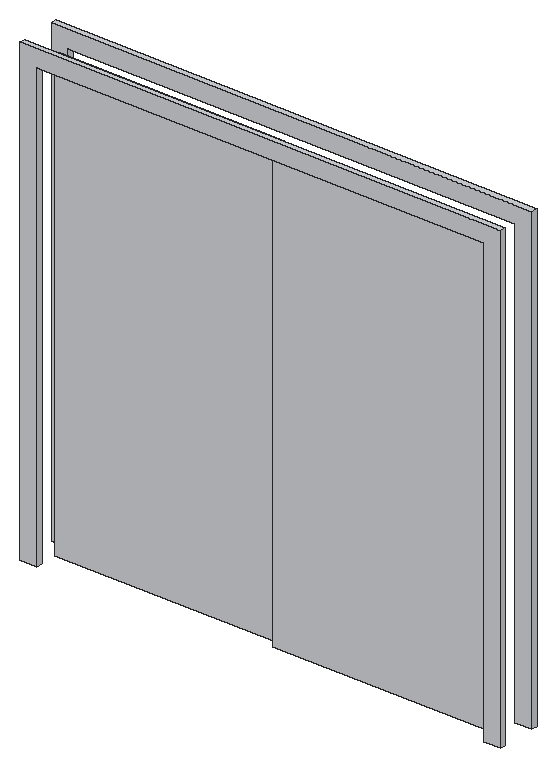
Revit family "TwoSideDoor", category 门, Revit 2025
Family settings
  主体 = 墙
  OmniClass 编号 = 23.30.10.00
  OmniClass 标题 = Doors
  总是垂直 = 是
  载入时剪切的空心 = 否
  共享 = 否
  房间计算点 = 否
Parameters
  功能 = 内部
  框架投影外部. = 25 mm
  框架投影内部. = 25 mm
  框架宽度 = 75 mm
  高度 = 2000 mm
  墙闭合 = 按主体
  宽度 = 1000 mm
  AI_Width [instance] = 2000 mm
  AI_Height [instance] = 2000 mm
Reference planes
  plane 1: y = 0
  plane 2 "中心(左/右)": x = 0
  plane 3 "左": x = -1000
  plane 4 "右": x = 1000
  plane 5: z = 2000
  plane 6 "外部": y = 75
  plane 7 "内部": y = -75
Forms (mm)
  Extrusion 1, solid
    sketch origin (-3050, -75, 0) x (1, 0, 0) y (0, 0, 1)
      loop
        line (1975, 0) -> (2050, 0) -> (2050, 2000) -> (4050, 2000) -> (4050, 0) -> (4125, 0) -> (4125, 2075) -> (1975, 2075) -> (1975, 0)
    from 0 to 25
  Extrusion 2, solid
    sketch origin (-3050, 75, 0) x (-1, 0, 0) y (0, 0, 1)
      loop
        line (-2050, 0) -> (-1975, 0) -> (-1975, 2075) -> (-4125, 2075) -> (-4125, 0) -> (-4050, 0) -> (-4050, 2000) -> (-2050, 2000) -> (-2050, 0)
    from 0 to 25
  Extrusion 3, solid
    sketch origin (0, 0, 0) x (1, 0, 0) y (0, 0, 1)
      loop
        line (-1000, 2000) -> (-1000, 0) -> (0, 0) -> (0, 2000) -> (-1000, 2000)
    from 0 to -30
  Extrusion 4, solid
    sketch origin (-5000, 0, 0) x (1, 0, 0) y (0, 0, 1)
      loop
        line (5000, 2000) -> (5000, 0) -> (6000, 0) -> (6000, 2000) -> (5000, 2000)
    from 0 to 30
Lines and regions (mm)
  Opening 1
    outline origin (-3050, -75, 0) x (1, 0, 0) y (0, 0, 1)
      loop
        line (2050, 0) -> (4050, 0) -> (4050, 2000) -> (2050, 2000) -> (2050, 0)
  symbolic lines, style "立面打开方向"
    curve 1: line (1000, -75, 1000) -> (-1000, -75, 2000)
    curve 2: line (1000, -75, 1000) -> (-1000, -75, 0)
Text (mm)
  text "外部" at (-2295.016, 1099.543, 0), in view "参照标高"
  text "外部" at (0, 1615.38, 3698.081), in view "左"
  text "外部" at (0, 1036.032, 3874.932), in view "右"
Dimensions and locks
  equal spacing: plane 3 "左", plane 2 "中心(左/右)", plane 4 "右"
  "AI_Width": plane 3 "左" to plane 4 "右"
  "AI_Height": plane 5 to host wall
  equal spacing: host wall, curve 2, plane 5
  host wall to plane 5 = 2000 mm
  "框架投影外部.": Extrusion 2 to Extrusion 2
  "框架投影内部.": Extrusion 1 to Extrusion 1
  "框架宽度": plane 3 "左" to Extrusion 1 sketch curve
  "框架宽度": plane 4 "右" to Extrusion 1 sketch curve
  "框架宽度": Extrusion 1 sketch curve to plane 5
  "框架宽度": plane 4 "右" to Extrusion 2 sketch curve
  "框架宽度": plane 3 "左" to Extrusion 2 sketch curve
  "框架宽度": plane 5 to Extrusion 2 sketch curve
  locked: plane 6 "外部" to host wall
  locked: plane 7 "内部" to host wall
  aligned and locked: plane 3 "左" to Opening 1 sketch curve
  aligned and locked: plane 5 to Opening 1 sketch curve  (x2)
  aligned and locked: Opening 1 sketch curve to plane 4 "右"
  aligned and locked: Opening 1 sketch curve to level
  aligned and locked: level to Extrusion 1 sketch curve
  aligned and locked: plane 5 to Extrusion 1 sketch curve  (x2)
  aligned and locked: Extrusion 1 sketch curve to plane 4 "右"
  aligned and locked: plane 3 "左" to Extrusion 1 sketch curve
  aligned and locked: plane 3 "左" to Extrusion 2 sketch curve
  aligned and locked: plane 5 to Extrusion 2 sketch curve  (x2)
  aligned and locked: level to Extrusion 2 sketch curve
  aligned and locked: plane 5 to curve 1
  aligned and locked: plane 3 "左" to curve 2
  aligned and locked: plane 1 to host wall
  aligned and locked: plane 3 "左" to curve 1
  aligned and locked: Extrusion 3 sketch curve to host wall  (x2)
  aligned and locked: Extrusion 3 sketch curve to plane 2 "中心(左/右)"
  aligned and locked: Extrusion 4 sketch curve to Extrusion 3  (x2)
  aligned and locked: Extrusion 4 sketch curve to Extrusion 1
  aligned and locked: Extrusion 4 sketch curve to host wall
Automatic sketch dimensions
  Extrusion 2 sketch curve to plane 4 "右" = 0 mm
  Extrusion 1 sketch curve to level = 0 mm
  Extrusion 2 sketch curve to level = 0 mm
  plane 4 "右" to curve 2 = 0 mm
  curve 2 to level = 0 mm
  Extrusion 3 sketch curve to level = 0 mm
